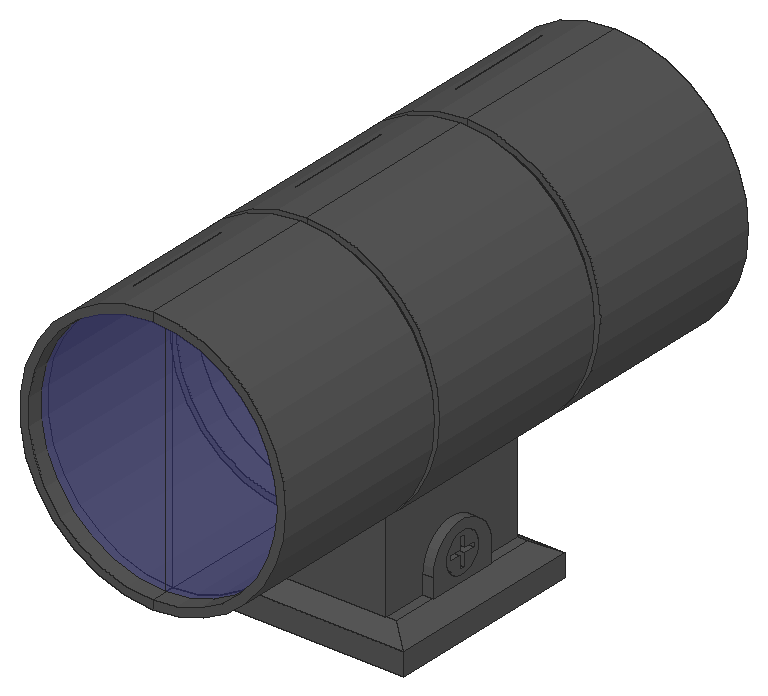
Revit family "CARLO CYLINDER LIGHT WALL MOUNT", category Lighting Fixtures, host Face, Revit 2020 (continued)
Types (10): name | Wattage_Input | Wattage Comments | Wattage | Photometric Web File | built-in parameter 1150142 | Model | built-in parameter 1150105 | Lumens | Light Length 1 | LIGHT RADIUS | LIGHT PLACEMENT | LIGHT LENGTH | LIGHT DIA | built-in parameter 1150106 | FIXED END HEIGHT | Curve base Height | Base Curve | BEAMING ANGLE | Apparent Load
  CCL6-13-35SPSW8-PC-25-WM-BK | 35 W | "22W/29W/35W" | 19.5231 W | "CCL6 35W 3000K 25° (up and down light).IES" | "IESNA:LM-63-2002\r\n[TEST] CCL6 35W 3000K 25¡ã (up and down light)\r\n[TESTLAB] EVERFINE\r\n[TESTDATE] 2024-07-06\r\n[ISSUEDATE] 2024-07-06 04:46:50\r\n[NEARFIELD] \r\n[LAMPPOSITION] 0,0\r\n[OTHER] EVERFINE GO-2000_V1 SYSTEM\r\n[MANUFAC] Aboveall lighting\r\nTILT=NONE\r\n1 2994.4 1 361 73 1 2 0.000 0.000 0.000\r\n1.000 1 36.1824\r\n0.0    0.5    1.0    1.5    2.0    2.5    3.0    3.5    4.0    4.5    \r\n 5.0    5.5    6.0    6.5    7.0    7.5    8.0    8.5    9.0    9.5    \r\n 10.0   10.5   11.0   11.5   12.0   12.5   13.0   13.5   14.0   14.5   \r\n 15.0   15.5   16.0   16.5   17.0   17.5   18.0   18.5   19.0   19.5   \r\n 20.0   20.5   21.0   21.5   22.0   22.5   23.0   23.5   24.0   24.5   \r\n 25.0   25.5   26.0   26.5   27.0   27.5   28.0   28.5   29.0   29.5   \r\n 30.0   30.5   31.0   31.5   32.0   32.5   33.0   33.5   34.0   34.5   \r\n 35.0   35.5   36.0   36.5   37.0   37.5   38.0   38.5   39.0   39.5   \r\n 40.0   40.5   41.0   41.5   42.0   42.5   43.0   43.5   44.0   44.5   \r\n 45.0   45.5   46.0   46.5   47.0   47.5   48.0   48.5   49.0   49.5   \r\n 50.0   50.5   51.0   51.5   52.0   52.5   53.0   53.5   54.0   54.5   \r\n 55.0   55.5   56.0   56.5   57.0   57.5   58.0   58.5   59.0   59.5   \r\n 60.0   60.5   61.0   61.5   62.0   62.5   63.0   63.5   64.0   64.5   \r\n 65.0   65.5   66.0   66.5   67.0   67.5   68.0   68.5   69.0   69.5   \r\n 70.0   70.5   71.0   71.5   72.0   72.5   73.0   73.5   74.0   74.5   \r\n 75.0   75.5   76.0   76.5   77.0   77.5   78.0   78.5   79.0   79.5   \r\n 80.0   80.5   81.0   81.5   82.0   82.5   83.0   83.5   84.0   84.5   \r\n 85.0   85.5   86.0   86.5   87.0   87.5   88.0   88.5   89.0   89.5   \r\n 90.0   90.5   91.0   91.5   92.0   92.5   93.0   93.5   94.0   94.5   \r\n 95.0   95.5   96.0   96.5   97.0   97.5   98.0   98.5   99.0   99.5   \r\n 100.0  100.5  101.0  101.5  102.0  102.5  103.0  103.5  104.0  104.5  \r\n 105.0  105.5  106.0  106.5  107.0  107.5  108.0  108.5  109.0  109.5  \r\n 110.0  110.5  111.0  111.5  112.0  112.5  113.0  113.5  114.0  114.5  \r\n 115.0  115.5  116.0  116.5  117.0  117.5  118.0  118.5  119.0  119.5  \r\n 120.0  120.5  121.0  121.5  122.0  122.5  123.0  123.5  124.0  124.5  \r\n 125.0  125.5  126.0  126.5  127.0  127.5  128.0  128.5  129.0  129.5  \r\n 130.0  130.5  131.0  131.5  132.0  132.5  133.0  133.5  134.0  134.5  \r\n 135.0  135.5  136.0  136.5  137.0  137.5  138.0  138.5  139.0  139.5  \r\n 140.0  140.5  141.0  141.5  142.0  142.5  143.0  143.5  144.0  144.5  \r\n 145.0  145.5  146.0  146.5  147.0  147.5  148.0  148.5  149.0  149.5  \r\n 150.0  150.5  151.0  151.5  152.0  152.5  153.0  153.5  154.0  154.5  \r\n 155.0  155.5  156.0  156.5  157.0  157.5  158.0  158.5  159.0  159.5  \r\n 160.0  160.5  161.0  161.5  162.0  162.5  163.0  163.5  164.0  164.5  \r\n 165.0  165.5  166.0  166.5  167.0  167.5  168.0  168.5  169.0  169.5  \r\n 170.0  170.5  171.0  171.5  172.0  172.5  173.0  173.5  174.0  174.5  \r\n 175.0  175.5  176.0  176.5  177.0  177.5  178.0  178.5  179.0  179.5  \r\n 180.0  \r\n0.0    5.0    10.0   15.0   20.0   25.0   30.0   35.0   40.0   45.0   \r\n 50.0   55.0   60.0   65.0   70.0   75.0   80.0   85.0   90.0   95.0   \r\n 100.0  105.0  110.0  115.0  120.0  125.0  130.0  135.0  140.0  145.0  \r\n 150.0  155.0  160.0  165.0  170.0  175.0  180.0  185.0  190.0  195.0  \r\n 200.0  205.0  210.0  215.0  220.0  225.0  230.0  235.0  240.0  245.0  \r\n 250.0  255.0  260.0  265.0  270.0  275.0  280.0  285.0  290.0  295.0  \r\n 300.0  305.0  310.0  315.0  320.0  325.0  330.0  335.0  340.0  345.0  \r\n 350.0  355.0  360.0  \r\n5444.5 5412.5 5376 5333.8 5279.8 5207.8 5119.3 5013.7 4892 4754.1 \r\n 4603.2 4444.3 4272 4080 3876.5 3667.5 3454.2 3239.4 3024.5 2811.1 \r\n 2600.9 2395.2 2196.3 2005.9 1828.2 1668.6 1524.8 1394.9 1283.6 1201.1 \r\n 1129.6 1053 976.47 895.65 823.26 774.73 737.57 703.84 675.37 651.67 \r\n 631.79 614.65 600.09 587.68 577.11 567.92 560.21 554.15 549.01 543.94 \r\n 539.45 535.94 532.85 529.73 526.65 523.54 520.42 517.3 514.16 511 \r\n 507.78 504.53 501.17 497.53 493.95 490.84 487.87 484.85 481.77 478.63 \r\n 475.19 471.06 466.8 463.38 459.33 454.42 445.85 429.76 409.14 385.73 \r\n 359.43 330.27 299.64 269.14 238.06 205.53 173.53 143.08 116.15 96.656 \r\n 79.821 60.1 43.747 37.177 34.369 31.011 28.401 26.465 25.005 23.885 \r\n 22.851 21.493 20.133 19.011 17.958 16.867 15.79 14.747 13.729 12.733 \r\n 11.765 10.822 9.9238 9.096 8.3183 7.5691 6.8779 6.2726 5.7367 5.2639 \r\n 4.8525 4.5074 4.2027 3.9062 3.6406 3.4247 3.2379 3.0643 2.9084 2.7713 \r\n 2.6472 2.5305 2.4223 2.3217 2.2296 2.1493 2.0729 1.9916 1.9127 1.8424 \r\n 1.7762 1.711 1.6479 1.5866 1.5279 1.4723 1.4196 1.3721 1.3232 1.2623 \r\n 1.2033 1.1615 1.1227 1.0749 1.0267 0.98431 0.94241 0.89538 0.85034 0.8156 \r\n 0.78195 0.74243 0.7059 0.68391 0.66148 0.62196 0.58192 0.56041 0.53343 0.47381 \r\n 0.41016 0.37009 0.32947 0.26416 0.20182 0.16937 0.14487 0.1143 0.080845 0.036916 \r\n 0.0008805 0 0 0.040327 0.087212 0.11614 0.13969 0.1618 0.18385 0.20954 \r\n 0.23572 0.25903 0.28386 0.31556 0.34777 0.37439 0.40001 0.4273 0.45607 0.48782 \r\n 0.52009 0.55041 0.58024 0.61005 0.64035 0.67214 0.70443 0.73846 0.77647 0.82368 \r\n 0.8724 0.91367 0.95644 1.0086 1.0643 1.1199 1.1765 1.2336 1.2926 1.3549 \r\n 1.4207 1.4908 1.5648 1.6419 1.7249 1.8167 1.9169 2.0254 2.1449 2.2777 \r\n 2.4249 2.5877 2.7688 2.9693 3.1956 3.4563 3.747 4.053 4.4148 4.8876 \r\n 5.4126 5.9312 6.4975 7.165 7.8766 8.5762 9.3145 10.142 11.003 11.84 \r\n 12.706 13.633 14.627 15.714 16.864 17.978 19.287 20.998 23.089 25.755 \r\n 28.546 30.98 33.339 35.635 38.191 41.414 45.06 47.867 53.295 64.817 \r\n 81.119 102.51 127.59 155.38 185.04 215.51 246.49 277.33 307.98 338.51 \r\n 367.83 395.25 419.69 440.13 455.69 464.01 468.53 471.73 474.16 477.53 \r\n 480.87 483.6 486.21 489.01 491.86 494.74 497.64 500.6 503.58 506.55 \r\n 509.59 512.82 516.18 519.57 523.23 527.4 531.99 536.87 542.43 548.99 \r\n 556.71 565.77 576.41 588.7 603.26 620.62 641.11 664.82 692.95 726.41 \r\n 766.14 813.11 868.11 931.84 1005.6 1090.5 1187.6 1298.3 1423 1563.3 \r\n 1717.1 1882.3 2059.7 2252.9 2452.4 2649 2845.6 3041.8 3238.8 3439.7 \r\n 3638.6 3832 4016.4 4185.4 4343.9 4494.8 4638 4776 4903.8 5016.9 \r\n 5115.3 5196.4 5263.9 5321 5367.7 5405.5 5433.5 5451.5 5459.1 5455.6 \r\n 5509.6 \r\n5444.5 5407.5 5367.8 5322.2 5264.3 5187.7 5094.7 4985.4 4860.6 4720.5 \r\n 4567.2 4404 4227.7 4033.6 3828.9 3618.5 3404.6 3191.4 2978.5 2766.3 \r\n 2556.4 2349.3 2149.5 1960.6 1785.6 1629.8 1489.7 1362.2 1252.3 1169 \r\n 1097.2 1023.6 951.47 875.9 808.33 762.25 726.7 694.71 667.73 645.15 \r\n 626.14 609.69 595.73 583.97 574.02 565.39 558.12 552.26 547.27 542.5 \r\n 538.26 534.78 531.65 528.49 525.4 522.36 519.34 516.28 513.16 509.95 \r\n 506.66 503.31 499.9 496.38 492.95 489.85 486.88 483.94 480.91 477.64 \r\n 474.05 469.82 465.46 462.08 457.58 450.82 439.99 421.94 399.51 374.48 \r\n 346.93 317.15 286.21 255.5 224.34 191.72 159.95 130.45 104.74 86.102 \r\n 70.645 54.13 40.884 35.389 32.933 29.897 27.482 25.787 24.508 23.425 \r\n 22.383 21.064 19.743 18.645 17.608 16.525 15.454 14.416 13.407 12.426 \r\n 11.475 10.547 9.6629 8.8496 8.0877 7.3578 6.6868 6.1013 5.583 5.1208 \r\n 4.7192 4.3891 4.1001 3.8188 3.5658 3.356 3.173 3.0039 2.8523 2.7192 \r\n 2.5991 2.4864 2.3815 2.2818 2.1902 2.1118 2.0376 1.9571 1.8791 1.8106 \r\n 1.746 1.682 1.6197 1.5585 1.4996 1.4438 1.3907 1.3422 1.2928 1.2338 \r\n 1.1764 1.1329 1.0917 1.0429 0.99421 0.95196 0.91077 0.86524 0.82178 0.78785 \r\n 0.75487 0.71568 0.67896 0.65564 0.63172 0.59161 0.55093 0.52756 0.49913 0.44017 \r\n 0.37785 0.33852 0.29916 0.23662 0.17762 0.14886 0.12722 0.095669 0.062592 0.027257 \r\n 0 0 0 0.030849 0.069906 0.10431 0.13557 0.15905 0.18022 0.20352 \r\n 0.22734 0.2507 0.27603 0.30723 0.33889 0.36561 0.39136 0.41824 0.44646 0.47773 \r\n 0.50956 0.54065 0.5718 0.60341 0.63543 0.6676 0.70098 0.73572 0.77422 0.82133 \r\n 0.8699 0.91161 0.95477 1.0067 1.062 1.1177 1.1741 1.2299 1.2875 1.3495 \r\n 1.4147 1.4829 1.5544 1.6283 1.7079 1.7964 1.8934 1.999 2.1148 2.2418 \r\n 2.3818 2.536 2.7071 2.8955 3.1087 3.3557 3.6327 3.9275 4.2741 4.7182 \r\n 5.2132 5.7135 6.2615 6.8989 7.5823 8.2707 8.9989 9.8013 10.639 11.472 \r\n 12.336 13.247 14.215 15.26 16.369 17.481 18.759 20.332 22.238 24.665 \r\n 27.291 29.837 32.362 34.714 37.252 40.428 43.812 46.036 50.362 59.684 \r\n 73.73 94.078 118.08 143.33 170.65 200.57 231.53 261.98 292.43 323.3 \r\n 353.31 381.57 407.31 429.88 448 459.31 466.4 470.54 473.24 476.73 \r\n 480.08 482.95 485.67 488.5 491.35 494.25 497.14 499.95 502.78 505.68 \r\n 508.68 511.89 515.22 518.55 522.11 526.13 530.57 535.33 540.72 546.89 \r\n 554.09 562.55 572.47 583.91 597.47 613.64 632.75 654.94 681.31 712.83 \r\n 750.01 793.14 843.88 903.24 973.47 1058.2 1154.2 1257.5 1373.4 1506.7 \r\n 1654.2 1813.9 1986.5 2174.9 2370.4 2564.8 2760.3 2955.9 3152.9 3353.7 \r\n 3553.3 3748.3 3935.6 4109.8 4273.9 4428.8 4575.4 4716.5 4847.6 4965.6 \r\n 5069.8 5157.8 5232.2 5294.7 5345.9 5387 5418.2 5440.5 5452.7 5453.9 \r\n 5509.6 \r\n5444.5 5403.1 5360.4 5311.7 5250.4 5169.5 5072.5 4960.2 4833 4691.5 \r\n 4536.4 4369.1 4188.8 3993.3 3788.1 3576.8 3362.8 3151.4 2940.8 2730 \r\n 2520.7 2312.2 2111.1 1923.1 1750.2 1597.8 1461.2 1335.8 1226.5 1140.5 \r\n 1066.5 994.92 926.91 857.36 795.5 751.77 717.46 687.06 661.41 639.75 \r\n 621.42 605.53 592.07 580.88 571.5 563.39 556.53 550.8 545.88 541.37 \r\n 537.35 533.82 530.56 527.31 524.16 521.19 518.24 515.2 512.07 508.8 \r\n 505.44 501.99 498.55 495.18 491.92 488.87 485.92 483.08 480.12 476.76 \r\n 473.04 468.82 464.41 460.97 455.83 446.91 433.61 413.88 390.03 363.58 \r\n 334.92 304.7 273.62 242.76 211.57 179.08 147.73 119.31 94.834 76.823 \r\n 62.507 49.287 39.186 34.358 31.81 28.972 26.724 25.21 24.063 22.979 \r\n 21.911 20.644 19.381 18.301 17.271 16.197 15.134 14.104 13.104 12.141 \r\n 11.209 10.296 9.4256 8.6231 7.8735 7.1637 6.5139 5.9461 5.4424 4.9896 \r\n 4.5963 4.2774 4.0009 3.7345 3.4943 3.2893 3.1084 2.9425 2.794 2.664 \r\n 2.5469 2.4376 2.3353 2.2361 2.1448 2.0679 1.9953 1.9161 1.8393 1.7726 \r\n 1.71 1.6471 1.5855 1.5244 1.4652 1.4091 1.3554 1.3053 1.255 1.1988 \r\n 1.144 1.0986 1.0548 1.0053 0.95677 0.9147 0.8743 0.83091 0.7896 0.7563 \r\n 0.72384 0.68532 0.64857 0.62305 0.59697 0.55736 0.51716 0.49123 0.46093 0.40493 \r\n 0.34618 0.30693 0.26787 0.2094 0.15479 0.12804 0.10741 0.075102 0.043307 0.017647 \r\n 0 0 0 0.021959 0.053834 0.094001 0.13317 0.15843 0.17905 0.19993 \r\n 0.22129 0.2449 0.27091 0.3014 0.33233 0.35935 0.38546 0.41194 0.43955 0.47041 \r\n 0.50185 0.53372 0.56626 0.59983 0.63387 0.66745 0.702 0.73805 0.77746 0.82426 \r\n 0.87245 0.91506 0.95909 1.0106 1.0654 1.1213 1.1777 1.232 1.2881 1.3497 \r\n 1.4145 1.4806 1.5493 1.6203 1.6967 1.7817 1.8751 1.978 2.0902 2.2107 \r\n 2.3427 2.4881 2.6491 2.8259 3.0265 3.2596 3.523 3.8093 4.143 4.5562 \r\n 5.0183 5.4994 6.0283 6.633 7.2862 7.965 8.6849 9.4597 10.272 11.104 \r\n 11.967 12.863 13.806 14.807 15.871 16.979 18.225 19.672 21.393 23.528 \r\n 25.938 28.59 31.303 33.759 36.324 39.39 42.561 44.716 48.424 55.501 \r\n 67.088 86.282 109.04 131.47 156.2 185.55 216.52 246.52 276.68 307.77 \r\n 338.31 367.22 394.05 418.53 439.11 453.68 463.69 469.06 472.23 475.9 \r\n 479.23 482.27 485.15 488.02 490.88 493.8 496.68 499.34 501.99 504.83 \r\n 507.81 510.99 514.28 517.54 521.02 524.89 529.15 533.81 539.01 544.78 \r\n 551.45 559.29 568.45 579.03 591.56 606.49 624.17 644.77 669.32 698.77 \r\n 733.46 773.44 820.58 875.64 942.01 1025.8 1119.6 1215 1321.6 1447.6 \r\n 1588.4 1742.3 1909.4 2092 2282.8 2475 2669.6 2865.1 3062.3 3262.9 \r\n 3462.8 3659.3 3849.6 4029.5 4199.8 4359.3 4509.9 4654.1 4788.6 4911.2 \r\n 5021 5116.3 5198.2 5266.8 5323.2 5367.9 5402.5 5429.2 5446.1 5452.3 \r\n 5509.6 \r\n5444.5 5398.8 5353.5 5301.8 5237.2 5152.5 5051.9 4937 4808 4665.5 \r\n 4509 4337.9 4153.8 3957.3 3751.9 3540.1 3326.3 3116.7 2908.2 2699 \r\n 2490.6 2280.9 2078.6 1891.3 1720.1 1570.8 1437.3 1314.1 1205.3 1115.8 \r\n 1038.4 967.9 903.36 840.1 784.36 742.83 709.49 680.51 656.06 635.16 \r\n 617.38 601.96 588.93 578.25 569.36 561.74 555.24 549.59 544.69 540.41 \r\n 536.57 532.96 529.53 526.15 522.93 519.99 517.11 514.06 510.9 507.57 \r\n 504.15 500.63 497.18 493.98 490.91 487.93 485.02 482.29 479.39 475.96 \r\n 472.15 468 463.53 459.83 453.81 442.52 426.66 405.45 380.47 352.8 \r\n 323.2 292.69 261.57 230.61 199.5 167.38 136.72 109.46 86.214 68.761 \r\n 55.479 45.455 38.347 33.878 30.946 28.215 26.105 24.72 23.662 22.55 \r\n 21.444 20.236 19.042 17.975 16.944 15.88 14.827 13.807 12.819 11.873 \r\n 10.959 10.062 9.2061 8.4121 7.6725 6.983 6.3549 5.8033 5.3127 4.8688 \r\n 4.483 4.1723 3.9054 3.6531 3.4254 3.2245 3.045 2.8815 2.7353 2.6077 \r\n 2.4931 2.3865 2.2864 2.1878 2.0966 2.0208 1.9496 1.8717 1.7964 1.7318 \r\n 1.6709 1.6093 1.5483 1.4873 1.4279 1.3714 1.3171 1.2649 1.2135 1.1606 \r\n 1.1088 1.0615 1.015 0.96536 0.9173 0.87549 0.83584 0.79477 0.75548 0.72269 \r\n 0.69061 0.65299 0.61639 0.58821 0.55965 0.52129 0.48237 0.4535 0.42116 0.36971 \r\n 0.31605 0.27649 0.23718 0.18361 0.13396 0.10768 0.086532 0.054041 0.024425 0.008331 \r\n 0 0 0 0.013912 0.039285 0.084595 0.13097 0.15825 0.17877 0.19741 \r\n 0.21642 0.2404 0.26713 0.29671 0.32671 0.35417 0.38083 0.40695 0.43398 0.46443 \r\n 0.49549 0.52804 0.56185 0.5973 0.63338 0.66861 0.70471 0.74255 0.78321 0.82956 \r\n 0.8772 0.92095 0.96611 1.0173 1.0714 1.1276 1.184 1.2369 1.2914 1.3527 \r\n 1.4169 1.481 1.5471 1.6156 1.6893 1.7706 1.8603 1.9606 2.0692 2.1831 \r\n 2.3069 2.4437 2.5951 2.7612 2.95 3.1696 3.42 3.6997 4.022 4.4039 \r\n 4.832 5.2936 5.8033 6.375 6.9979 7.6675 8.3794 9.1267 9.913 10.743 \r\n 11.607 12.491 13.41 14.367 15.387 16.488 17.702 19.038 20.582 22.404 \r\n 24.569 27.304 30.192 32.779 35.402 38.318 41.32 43.758 47.212 52.149 \r\n 61.252 79.127 100.46 120.04 142.18 170.93 201.88 231.41 261.23 292.42 \r\n 323.33 352.71 380.45 406.59 429.47 447.34 460.41 467.25 471.12 475.01 \r\n 478.35 481.57 484.63 487.56 490.45 493.41 496.28 498.78 501.28 504.07 \r\n 507.03 510.18 513.44 516.65 520.04 523.75 527.83 532.38 537.39 542.76 \r\n 548.89 556.1 564.52 574.25 585.77 599.45 615.7 634.72 657.45 684.78 \r\n 717.08 754.49 798.59 849.52 911.83 993.64 1084.4 1171.9 1269.4 1388.1 \r\n 1522.3 1670.1 1831.4 2007.7 2193.2 2383.1 2576.9 2772.6 2970.3 3170.5 \r\n 3370.4 3568.3 3761.6 3947.3 4123.9 4288.4 4443.2 4590.8 4728.8 4855.6 \r\n 4970.8 5073.6 5163.2 5238.2 5300 5348.8 5387 5418 5439.8 5450.9 \r\n 5509.6 \r\n5444.5 5394.3 5346.4 5291.8 5224 5135.9 5032.1 4915 4784.3 4640.9 \r\n 4483.3 4308.7 4121.2 3923.7 3718.2 3506.1 3292.6 3084.5 2877.8 2670.2 \r\n 2462.8 2252.6 2049.7 1862.9 1693.2 1546.7 1416.1 1295.6 1187.9 1094.8 \r\n 1013.8 943.36 881.36 824.14 774.46 734.95 702.41 674.71 651.31 631.06 \r\n 613.75 598.76 586.13 575.9 567.44 560.24 554.07 548.48 543.58 539.49 \r\n 535.8 532.09 528.5 524.99 521.67 518.76 515.92 512.85 509.65 506.28 \r\n 502.82 499.29 495.87 492.84 489.96 487.06 484.21 481.57 478.72 475.23 \r\n 471.35 467.28 462.7 458.44 451.23 437.46 419.06 396.53 370.64 341.94 \r\n 311.56 280.85 249.78 218.77 187.84 156.44 126.76 100.71 78.661 61.863 \r\n 49.631 42.518 38.062 33.743 30.285 27.603 25.604 24.304 23.3 22.143 \r\n 20.99 19.842 18.721 17.662 16.626 15.571 14.53 13.521 12.546 11.618 \r\n 10.722 9.8413 8.9986 8.2121 7.4816 6.8121 6.2055 5.6694 5.1912 4.7568 \r\n 4.3787 4.0739 3.8139 3.5743 3.3585 3.1616 2.9834 2.8221 2.678 2.5525 \r\n 2.4399 2.3357 2.2376 2.1396 2.0487 1.9738 1.9037 1.8273 1.7538 1.6911 \r\n 1.632 1.5714 1.511 1.4502 1.3907 1.3339 1.2789 1.2247 1.1722 1.1224 \r\n 1.0736 1.0244 0.97546 0.92598 0.87874 0.83742 0.79852 0.75915 0.72121 0.68877 \r\n 0.65689 0.62031 0.58404 0.55317 0.52217 0.48549 0.44828 0.41648 0.38219 0.33611 \r\n 0.28833 0.24842 0.20864 0.16033 0.11573 0.088555 0.065704 0.033878 0.0073829 0.000046 \r\n 0 0 0 0.0069669 0.026543 0.075492 0.12742 0.15681 0.17781 0.19461 \r\n 0.21158 0.23597 0.2633 0.29176 0.32067 0.34862 0.37596 0.40184 0.42837 0.4584 \r\n 0.48903 0.52203 0.5568 0.5938 0.63166 0.66853 0.70632 0.74628 0.78851 0.83434 \r\n 0.8813 0.92619 0.97254 1.0235 1.0771 1.1332 1.1895 1.2412 1.2945 1.3555 \r\n 1.4191 1.4813 1.5451 1.6118 1.6832 1.7611 1.8471 1.945 2.0503 2.1577 \r\n 2.2737 2.402
